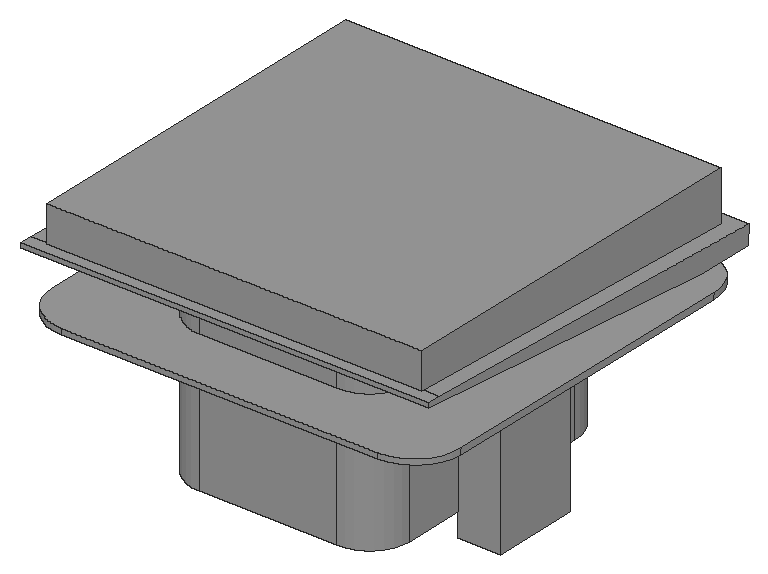
Revit family "Gira_012665", category Electrical Fixtures, host Face, Revit 2017
Family settings
  Host = Face
  Maintain Annotation Orientation = Yes
  Round Connector Dimension = Use Diameter
  Part Type = Normal
  Cut with Voids When Loaded = No
  Shared = No
  Room Calculation Point = No
Parameters (values of type "PB sw. off/2-way Gira TX_44 (WP FM) c.alum.")
  With mounting plate = "No"
  Wiring system = "Two-way switch"
  Washing machine switch = "No"
  URL = "http://katalog.gira.de/en/datenblatt.html?artikelnr=012665"
  Type of fastening = "Mounting with claw and screw"
  Surface protection = "Other"
  Suitable for degree of protection (IP) = "IP44"
  Rated current = "10"
  Push button switch = "Yes"
  Number of rockers = "1"
  Number of modules (module system) = "1"
  Nominal voltage = "250"
  Name = "PB sw. off/2-way Gira TX_44 (WP FM) c.alum."
  Mounting method = "Flush mounted (plaster)"
  Method of operation = "Rocker/button"
  Material quality = "Thermoplastic"
  Material = "Plastic"
  Manufacturer URL = "https://www.gira.de/"
  Manufacturer = "Gira"
  Label space/information surface = "No"
  Keynote = ""
  Illumination = "No"
  HeinzeBIM = "https://bimportal.heinze.de/bim/pb-sw-off-2-way-gira-tx-44-wp-fm-c-alum-/8857be974072fe01efa7b0c90089dccfeb25932b"
  Halogen free = "Yes"
  HAN = "012665"
  GTIN = "4010337126652"
  Feedback-signal contact = "No"
  Description = "PB sw.off 2-w TX_44 CAl,Pushbutton switch 10 AX 250 V~ with rocker,Universal off 2-way switch,colour aluminium,Notes :,- With touch-activation operation.,- Theft-prevention implemented via optional screw-in clamp piece. This makes plugging of cover frame unnecessary.,- If this switch is to be illuminated, please incorporate an indicator switch."
  Default Elevation = 1219.2 mm
  Data sheet (1) = "https://katalog.gira.de/en/download.html?artikelnr=012665"
  Connection type = "Plug clamp"
  Colour = "Aluminium"
  Category = "Switch"
  BIM (1) = "https://media.stage.bim.site/public/gira/36a6b08/TX44_Komplettgerät_Schalten und Tasten.rfa?public/gira/36a6b08/TX44_Komplettgerät_Schalten und Tasten.rfa"
  Available = "No"
  Assembly arrangement = "Basic element with central cover plate"
Reference planes
  plane 1 "Center (Front/Back)": y = 0
  plane 2 "Reference Level 0": z = 0
  plane 3 "Center (Left/Right)": x = 0
  plane 4: z = -28.6
Forms (mm)
  Extrusion 1, solid, material "Default", detail levels fine
    sketch origin (0, 0, 0) x (1, 0, 0) y (0, 1, 0)
      loop
        line (-32.604, 32.5) -> (-32.604, -32.5) -> (32.735, -32.5) -> (32.735, 32.5) -> (-32.604, 32.5)
    from 0 to 12.3
  Extrusion 2, solid, material "Default", detail levels fine
    sketch origin (0, 0, 0) x (0, 1, 0) y (0, 0, 1)
      loop
        line (35, 3.483) -> (-32.2, 6) -> (-34.55, 6) -> (-34.536, 5.199) -> (24.886, 0) -> (34.939, 0) -> (35, 3.483)
    from -35.5 to 35.5
  Extrusion 3, void
    sketch origin (0, 0, 0) x (0, 1, 0) y (0, 0, 1)
      loop
        line (42.419, 3.205) -> (-32.2, 6) -> (-42.193, 6) -> (-42.193, -11.826) -> (42.419, -11.826) -> (42.419, 3.205)
    from -64.194 to 61.264
  Extrusion 4, solid, material "Default", detail levels fine
    sketch origin (0, 0, 0) x (1, 0, 0) y (0, 1, 0)
      loop
        arc (35.5, 27.5) -> (33.157, 33.157) -> (27.5, 35.5) r 8
        line (27.5, 35.5) -> (-27.5, 35.5)
        arc (-27.5, 35.5) -> (-33.157, 33.157) -> (-35.5, 27.5) r 8
        line (-35.5, 27.5) -> (-35.5, -27.5)
        arc (-35.5, -27.5) -> (-33.157, -33.157) -> (-27.5, -35.5) r 8
        line (-27.5, -35.5) -> (27.5, -35.5)
        arc (27.5, -35.5) -> (33.157, -33.157) -> (35.5, -27.5) r 8
        line (35.5, -27.5) -> (35.5, 27.5)
    from -4.1 to -5.1
  Extrusion 5, solid, material "Default", detail levels fine
    sketch origin (0, 0, 0) x (1, 0, 0) y (0, 1, 0)
      loop
        arc (-12, 25) -> (-16.95, 22.95) -> (-19, 18) r 7
        line (-19, 18) -> (-19, -18)
        arc (-19, -18) -> (-16.95, -22.95) -> (-12, -25) r 7
        line (-12, -25) -> (12, -25)
        arc (12, -25) -> (16.95, -22.95) -> (19, -18) r 7
        line (19, -18) -> (19, 18)
        arc (19, 18) -> (16.95, 22.95) -> (12, 25) r 7
        line (12, 25) -> (-12, 25)
    from 4.692 to -28.6
  Extrusion 6, solid, material "Default", detail levels fine
    sketch origin (0, 0, 0) x (1, 0, 0) y (0, 1, 0)
      loop
        line (-26.5, -7.5) -> (-19, -7.5) -> (-19, 7.5) -> (-26.5, 7.5) -> (-26.5, -7.5)
    from -5.1 to -32.6
  Extrusion 7, solid, material "Default", detail levels fine
    sketch origin (0, 0, 0) x (-1, 0, 0) y (0, -1, 0)
      loop
        line (-26.5, 7.5) -> (-26.5, -7.5) -> (-19, -7.5) -> (-19, 7.5) -> (-26.5, 7.5)
    from -5.1 to -32.6
  Extrusion 8, solid, material "Default", detail levels medium
    sketch origin (0, 0, 0) x (1, 0, 0) y (0, 1, 0)
      loop
        line (-32.604, 32.5) -> (-32.604, -32.5) -> (32.735, -32.5) -> (32.735, 32.5) -> (-32.604, 32.5)
    from 0 to 12.3
  Extrusion 9, solid, material "Default", detail levels medium
    sketch origin (0, 0, 0) x (0, 1, 0) y (0, 0, 1)
      loop
        line (35, 3.483) -> (-32.2, 6) -> (-34.55, 6) -> (-34.445, 0) -> (34.939, 0) -> (35, 3.483)
    from -35.5 to 35.5
  Extrusion 10, solid, material "Default", detail levels medium
    sketch origin (0, 0, 0) x (1, 0, 0) y (0, 1, 0)
      loop
        line (-26.5, 25) -> (-26.5, -25) -> (26.5, -25) -> (26.5, 25) -> (-26.5, 25)
    from 4.692 to -32.6
  Extrusion 11, solid, material "Default", detail levels medium
    sketch origin (0, 0, 0) x (1, 0, 0) y (0, 1, 0)
      loop
        line (35.5, 35.5) -> (-35.5, 35.5) -> (-35.5, -35.5) -> (35.5, -35.5) -> (35.5, 35.5)
    from -4.1 to -5.1
  Extrusion 12, solid, material "Default", detail levels coarse
    sketch origin (0, 0, 0) x (1, 0, 0) y (0, 1, 0)
      loop
        line (35.5, 35.5) -> (-35.5, 35.5) -> (-35.5, -35.5) -> (35.5, -35.5) -> (35.5, 35.5)
    from -32.6 to 12.3
Cuts and joins
  Extrusion 3 cuts Extrusion 1
  joined: Extrusion 1, Extrusion 2, Extrusion 4, Extrusion 5, Extrusion 6, Extrusion 7
Dimensions and locks
  Extrusion 12 to Extrusion 12 = 44.9 mm
  aligned and locked: plane 2 "Reference Level 0" to host face
  aligned and locked: level to host face
  aligned and locked: plane 3 "Center (Left/Right)" to nested 1
  aligned and locked: plane 1 "Center (Front/Back)" to nested 1
Nested families
  nested 1: "Schalter" at (0, 0, 0), type "Schalter"
Connectors
  electrical at (0, 0, -32.6)
    settings: on Extrusion 12, index 1, voltage 220 V, apparent load 0 VA, apparent load phase1 0 VA, apparent load phase2 0 VA, apparent load phase3 0 VA, power factor 1, load classification "Other", number of poles 1, system type 30, power factor state 1, is connector primary yes, connector utility no, sub classification motor no, connector description ""
Definition of nested family "Schalter"
  Reference planes
    plane 1: y = 0
    plane 2: x = 0
  Lines and regions (mm)
    detail lines
      curve 1: circle (1.375, 2.778, 0) r 0.8 normal (0, 0, 1)
      curve 2: line (1.021, 2.061, 0) -> (0, 0, 0)
      curve 3: line (0, 0, 0) -> (-0.538, 0.266, 0)
  Dimensions and locks
    curve 2 to curve 2 = 2.3 mm
    curve 3 to curve 2 = 0.6 mm
    radius of curve 1 = 0.8 mm
